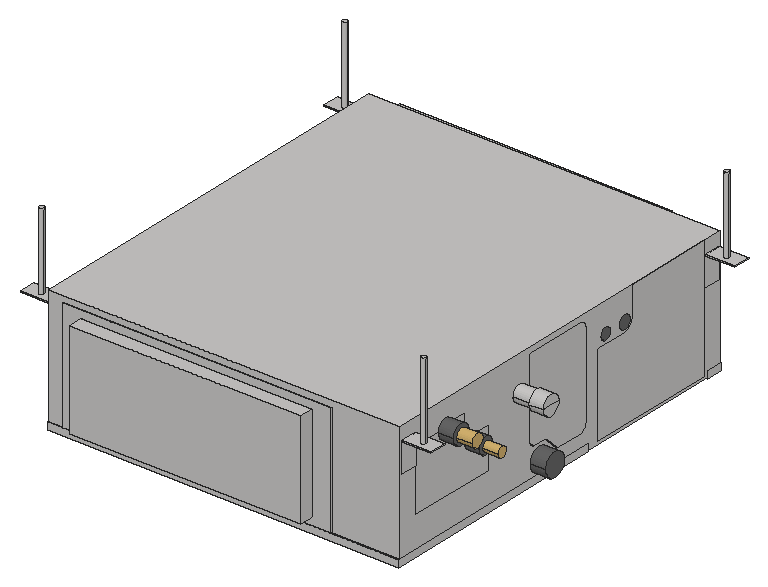
Revit family "Heat_Pump-Split_System-Indoor-Ducted-JCI-Medium_Static-0.5-4.5_ton", category Mechanical Equipment, Revit 2014
Parameters (values of type "(H,Y)IDM006B22S - 208 v")
  Width = 31.500"
  Voltage = 208 V
  Total Heating Capacity = 6700.0 Btu/h
  Total Cooling Capacity = 6000.0 Btu/h
  Supply Air Connection Width = 18 3/8"
  Supply Air Connection Height = 7 13/16"
  SA Z Offset = (Height - Supply Air Connection Height) / 2  # 1.000"
  SA X Offset = 2.500"
  Return Air Connection Width = 21 5/8"
  Return Air Connection Height = 8 7/16"
  Refrigerant Suction Gas Connection Diameter = 1/2"
  Refrigerant Liquid Connection Diameter = 1/4"
  RA Z Offset = 0.6875"
  RA X Offset = 1.3125"
  Pumped Drain [instance] = no
  Product Page URL = "http://www.johnsoncontrols.com/buildings/hvac-equipment/variable-refrigerant-flow/variable-refrigerant-flow-ducted-high-static-indoor-unit"
  Product Name = Model  # "(H,Y)IDM006B22S"
  Product Documentation Link = "http://www.johnsoncontrols.com/-/media/jci/be/united-states/hvac-equipment/variable-refrigerant-flow/files/2017-york-vrf-gen-ii-brochure_053017_digital.pdf?la=en"
  Power Radius = Power Diameter / 2  # 1/2"
  Power Factor = 0.8
  Power Diameter = 1"
  Phase = 1
  Number of Poles = 2
  Minimum Circuit Current = 1 A
  Maximum Overcurrent Protection = 15 A
  Max Drain Lifting Zone [instance] = no
  Length 8 = 0.000" - Length 7  # -13.7815"
  Length 7 = Length / 2  # 13.7815"
  Length 6 = DX Liquid Body Radius + 0.250"  # 0.625"
  Length 3 [instance] = if(Max Drain Lifting Zone, 33.438" - Pumped Drain Z Offset, 1.000")  # 1.000"
  Length 2 [instance] = if(Max Drain Lifting Zone, 11.813", 1.000")  # 1.000"
  Length 1 [instance] = if(Pumped Drain, 2.500", 1.250")  # 1.250"
  Length 17 = Drain Radius - 1.000" / 8  # 0.500"
  Length 19 = 0.100"  # constant formula
  Length 16 = 0.000" - Length 15  # -10.7125"
  Length 15 = (Return Air Connection Width / 2) - Length 19  # 10.7125"
  Unit Weight = 57 lbf
  URL = "www.johnsoncontrols.com"
  Type Comments = "208 v - 0.5 ton Cooling Capacity"
  Pumped Drain Z Offset = 7.063"
  Pumped Drain Y Offset = 11.750"
  Length = 27.563"
  Height = 9.8125"
  Gravity Drain Z Offset = 1.5625"
  Gravity Drain Y Offset = 13.71875"
  Frequency = 60 Hz
  Drain Z Offset Label [instance] = if(Pumped Drain, Pumped Drain Z Offset, Gravity Drain Z Offset)  # 1.5625"
  Drain Y Offset Label [instance] = if(Pumped Drain, Pumped Drain Y Offset, Gravity Drain Y Offset)  # 13.71875"
  DX Liquid Z Offset = 5.875"
  DX Liquid Y Offset = 6.9375"
  DX Gas Z Offset = 7.750"
  DX Gas Y Offset = 4.500"
  DX Gas Body Radius = DX Gas Radius + 0.250"  # 0.500"
  DX Liquid Body Radius = DX Liquid Radius + 0.250"  # 0.375"
  Highlight Material 1 = Plastic - JCI - Black
  Model = "(H,Y)IDM006B22S"
  Manufacturer = "Johnson Controls Incorporated"
  Load Classification = HVAC
  Length 9 [instance] = if(Clearance Zones, Clearance Front, 0.000")  # 0.000"
  Length 5 = DX Gas Body Radius + 0.250"  # 0.750"
  Length 14 [instance] = if(Clearance Zones, Clearance Top, 0.000")  # 0.000"
  Length 13 [instance] = if(Clearance Zones, Clearance Bottom, 0.000")  # 0.000"
  Length 12 [instance] = if(Clearance Zones, Clearance Right, 0.000")  # 0.000"
  Length 11 [instance] = if(Clearance Zones, Clearance Left, 0.000")  # 0.000"
  Length 10 [instance] = if(Clearance Zones, Clearance Back, 0.000")  # 0.000"
  Description = "YORK® VRF Gen II Ducted Medium Static Indoor Unit"
  Hanging Bolts [instance] = yes
  Drop Rod Radius = 0.188"
  Hanging Height [instance] = 5.000"
  Radius 4 = 0.630"
  Drain Radius = Condensate Drain Connection Diameter / 2  # 5/8"
  DX Liquid Radius = Refrigerant Liquid Connection Diameter / 2  # 1/8"
  DX Gas Radius = Refrigerant Suction Gas Connection Diameter / 2  # 1/4"
  Highlight Material 2 = Metal - JCI - Brass
  Copyright © = "Copyright © 2017 Johnson Controls"  # constant formula
  Cooling Coil Air Pressure Drop [instance] = 0.00 in-wg
  Controls Radius = Controls Diameter / 2  # 7/16"
  Controls Diameter = 7/8"
  Condensate Drain Connection Diameter = 1 1/4"
  Clearance Zones [instance] = no
  Clearance Top = 3.938"
  Clearance Right = 7.875"
  Clearance Material = Area - JCI - Clearance
  Clearance Left = 0.000"
  Clearance Front = 1.938"
  Clearance Bottom = 0.813"
  Clearance Back = 1.938"
  Bracket Width = 1.375"
  Bracket Length = 2.375"
  Body Material = Metal - JCI - Steel
  Assembly Code = "D3030200"
  Apparent Load = Minimum Circuit Current * Voltage / Power Factor  # 260 VA
  Angle 1 [instance] = 90.00°
  Actual Supply Air Flow [instance] = 0 CFM
  Actual Return Air Flow [instance] = 0 CFM
  Actual Condensate Drain Flow [instance] = 0 GPM
Reference planes (in)
  plane 1 "Center (Front/Back)": y = 0
  plane 2: z = 0
  plane 3 "Center (Left/Right)": x = 0
  plane 4 "Back": y = 15.75
  plane 5 "Front": y = -15.75
  plane 6 "Body Left": x = -13.7815
  plane 7 "Body Right": x = 13.7815
  plane 8 "Left": x = -16.1565
  plane 9 "Right": x = 16.1565
  plane 10 "Left Bolt Pitch": x = -15.0315
  plane 11 "Right Bolt Pitch": x = 15.0315
  plane 12 "rod 2 y cl": y = -14.9375
  plane 13 "Top": z = 9.8125
  plane 14 "Bottom": z = 0
  plane 15 "Center (Elevation)": z = 4.90625
  plane 16 "dx gas z cl": z = 7.75
  plane 17 "conduit z cl": z = 7.5
  plane 18 "plate top": z = 8.8125
  plane 19 "plate bottom 1": z = 8.7335
  plane 20 "sa top": z = 8.8125
  plane 21 "sa bottom": z = 1
  plane 22 "dx liquid y cl": y = -8.8125
  plane 23 "dx gas y cl": y = -11.25
  plane 24 "bracket 1 front": y = 14.25
  plane 25 "bracket 2 back": y = -14.25
  plane 26 "bracket 2 front": y = -15.625
  plane 27: z = 0.04
  plane 28 "Hanging Rods Height": z = 14.8125
  plane 29 "lower bracket left": x = -14.5095
  plane 30 "bolt bottom": z = 8.4335
  plane 31: z = 9.8125
  plane 32 "dec right": x = 13.8315
  plane 33 "dec left": x = -13.8315
  plane 34 "Cleareance Left": x = -13.7815
  plane 35 "Clearance Right": x = 16.1565
  plane 36 "Clearance Front": y = -15.75
  plane 37 "Clearance Back": y = 16.9375
  plane 38 "Clearance Top": z = 9.8125
  plane 39 "Clearance Bottom": z = 0
  plane 40 "bracket 1 back": y = 15.625
  plane 41 "rod 1 y cl": y = 14.9375
  plane 42 "sa left": x = -11.2815
  plane 43 "sa right": x = 7.0935
  plane 44 "connection right": x = 16.3315
  plane 45 "dx liquid z cl": z = 5.875
  plane 46 "sa front": y = -16.9375
  plane 47 "ra back": y = 16.9375
  plane 48 "insulaton right": x = 15.0565
  plane 49 "ra left": x = -12.469
  plane 50 "pumped drain y cl": y = -4
  plane 51 "drain z cl": z = 7.063
  plane 52 "plate bottom 2": z = 6.4375
  plane 53 "dec front": y = -15.829
  plane 54 "ra right": x = 9.156
  plane 55 "ra top": z = 9.125
  plane 56 "ra bottom": z = 0.6875
  plane 57 "dec back": y = 15.829
  plane 58 "trim 2": y = 14.5
  plane 59 "trim 1": y = 2.75
  plane 60 "trim top": z = 0.5
  plane 61 "controls y cl": y = 4.5
  plane 62 "power y cl": y = 6.375
  plane 63 "gravity drain y cl": y = -2.03125
Forms (in)
  Extrusion 1, solid, material "Metal - JCI - Brass" <- "Highlight Material 2", detail levels medium+fine
    sketch origin (16.3315, 0, 0) x (0, 1, 0) y (0, 0, 1)
      loop
        circle (-11.25, 7.75) r 0.5
      loop
        circle (-8.8125, 5.875) r 0.375
    from -1.275 to 0
  Extrusion 2, solid, material "Metal - JCI - Steel" <- "Body Material", visible <- "Hanging Bolts"
    sketch origin (0, 0, 8.8125) x (-1, 0, 0) y (0, -1, 0)
      loop
        circle (15.0315, -14.9215) r 0.188
      loop
        circle (-15.0315, -14.9215) r 0.188
      loop
        circle (15.0315, 14.9375) r 0.188
      loop
        circle (-15.0315, 14.9375) r 0.188
    from 0 to 6
  Extrusion 3, solid, material "Plastic - JCI - Black" <- "Highlight Material 1", detail levels medium+fine
    sketch origin (13.7815, 0, 0) x (0, 1, 0) y (0, 0, 1)
      loop
        circle (-11.25, 7.75) r 0.75
      loop
        circle (-8.8125, 5.875) r 0.625
      loop
        circle (-2.03125, 1.5625) r 0.90625
    from 0 to 1.275
  Extrusion 4, solid, material "Area - JCI - Clearance" <- "Clearance Material", visible <- "Clearance Zones"
    sketch origin (0, 0, 9.8125) x (-1, 0, 0) y (0, -1, 0)
      loop
        line (13.7815, -16.9375) -> (13.7815, 15.75) -> (-16.1565, 15.75) -> (-16.1565, -16.9375) -> (13.7815, -16.9375)
    from -9.8125 to 0
  Extrusion 5, solid, material "Metal - JCI - Steel" <- "Body Material", visible <- "Hanging Bolts", detail levels medium+fine
    sketch origin (0, 0, 9.8125) x (-1, 0, 0) y (0, -1, 0)
      loop
        circle (15.0315, -14.9215) r 0.188
      loop
        circle (15.0315, 14.9375) r 0.188
      loop
        circle (-15.0315, 14.9375) r 0.188
      loop
        circle (-15.0315, -14.9215) r 0.188
    from -1.379 to -1.079
  Extrusion 6, solid, material "Metal - JCI - Steel" <- "Body Material", detail levels medium+fine
    sketch origin (0, -15.75, 0) x (-1, 0, 0) y (0, 0, 1)
      loop
        line (11.1815, 8.7125) -> (-6.9935, 8.7125) -> (-6.9935, 1.1) -> (11.1815, 1.1) -> (11.1815, 8.7125)
    from -1.1875 to 0
  Extrusion 7, solid, material "Metal - JCI - Steel" <- "Body Material"
    sketch origin (0, 0, 0) x (1, 0, 0) y (0, 1, 0)
      loop
        line (13.7815, -15.75) -> (13.7815, 15.75) -> (-13.7815, 15.75) -> (-13.7815, -15.75) -> (13.7815, -15.75)
    from 0 to 9.8125
  Revolve 8, solid, material "Metal - JCI - Steel" <- "Body Material", detail levels medium+fine
    sketch origin (0, 0, 7.063) x (-1, 0, 0) y (0, -1, 0)
      loop
        line (-13.7815, 3.375) -> (-13.7815, 4) -> (-16.3315, 4) -> (-16.3315, 3.25) -> (-15.2065, 3.25) -> (-15.2065, 3.375) -> (-13.7815, 3.375)
      axis (-13.7815, 4) -> (-16.3315, 4)
    angle from 0 to 360
  Extrusion 9, solid, material "Metal - JCI - Steel" <- "Body Material"
    sketch origin (0, -15.75, 0) x (-1, 0, 0) y (0, 0, 1)
      loop
        line (13.8605, 8.7335) -> (16.1565, 8.7335) -> (16.1565, 8.8125) -> (13.7815, 8.8125) -> (13.7815, 6.4375) -> (13.8605, 6.4375) -> (13.8605, 8.7335)
      loop
        line (-13.8605, 8.7335) -> (-13.8605, 6.4375) -> (-13.7815, 6.4375) -> (-13.7815, 8.8125) -> (-16.1565, 8.8125) -> (-16.1565, 8.7335) -> (-13.8605, 8.7335)
    from 0.125 to 1.5
  Extrusion 10, solid, material "Metal - JCI - Steel" <- "Body Material"
    sketch origin (0, -15.75, 0) x (-1, 0, 0) y (0, 0, 1)
      loop
        line (16.1565, 8.7335) -> (16.1565, 8.8125) -> (13.7815, 8.8125) -> (13.7815, 6.4375) -> (13.8605, 6.4375) -> (13.8605, 8.7335) -> (16.1565, 8.7335)
      loop
        line (-13.8605, 8.7335) -> (-13.8605, 6.4375) -> (-13.7815, 6.4375) -> (-13.7815, 8.8125) -> (-16.1565, 8.8125) -> (-16.1565, 8.7335) -> (-13.8605, 8.7335)
    from 30 to 31.375
  Extrusion 11, solid, material "Metal - JCI - Steel" <- "Body Material", detail levels fine
    sketch origin (0, -15.75, 0) x (-1, 0, 0) y (0, 0, 1)
      loop
        line (12.6565, 9.3125) -> (-8.4685, 9.3125) -> (-8.4685, 0.5) -> (12.6565, 0.5) -> (12.6565, 9.3125)
      loop
        line (11.1815, 8.7125) -> (-6.9935, 8.7125) -> (-6.9935, 1.1) -> (11.1815, 1.1) -> (11.1815, 8.7125)
    from 0 to -0.079
  Extrusion 12, solid, material "Metal - JCI - Steel" <- "Body Material", detail levels medium+fine
    sketch origin (0, 15.75, 0) x (-1, 0, 0) y (0, 0, 1)
      loop
        line (-9.056, 9.025) -> (-9.056, 0.7875) -> (12.369, 0.7875) -> (12.369, 9.025) -> (-9.056, 9.025)
    from 0 to 1.1875
  Extrusion 13, solid, material "Metal - JCI - Steel" <- "Body Material", detail levels fine
    sketch origin (0, 16.9375, 0) x (0, 0, 1) y (1, 0, 0)
      loop
        line (9.625, 9.656) -> (0.1875, 9.656) -> (0.1875, -13.719) -> (9.625, -13.719) -> (9.625, 9.656)
      loop
        line (9.025, 9.056) -> (0.7875, 9.056) -> (0.7875, -12.369) -> (9.025, -12.369) -> (9.025, 9.056)
    from -1.1875 to -1.1085
  Extrusion 14, solid, material "Metal - JCI - Steel" <- "Body Material", detail levels fine
    sketch origin (-16.1565, 0, 0) x (0, 1, 0) y (0, 0, 1)
      loop
        line (15.7895, 0.5) -> (14.5, 0.5) -> (14.5, -0.079) -> (15.7895, -0.079) -> (15.7895, 0.5)
      loop
        line (2.75, 0.5) -> (-15.829, 0.5) -> (-15.829, -0.079) -> (2.75, -0.079) -> (2.75, 0.5)
    from 2.325 to 29.988
  Extrusion 15, solid, material "Metal - JCI - Steel" <- "Body Material", detail levels fine
    sketch origin (13.8315, 0, 0) x (0, 1, 0) y (0, 0, 1)
      loop
        line (-7.125, 2.96875) -> (-7.125, 6.125) -> (-8.1875, 6.125) -> (-8.1875, 5.875)
        arc (-8.1875, 5.875) -> (-8.8125, 5.25) -> (-9.4375, 5.875) r 0.625
        line (-9.4375, 5.875) -> (-9.4375, 8) -> (-10.5, 8) -> (-10.5, 7.75)
        arc (-10.5, 7.75) -> (-11.25, 7) -> (-12, 7.75) r 0.75
        line (-12, 7.75) -> (-14.15625, 7.75) -> (-14.15625, 2.96875) -> (-7.125, 2.96875)
      loop
        line (-2.9375, 9.33587) -> (-2.9375, 3.1875)
        arc (-2.9375, 3.1875) -> (-2.79105, 2.83395) -> (-2.4375, 2.6875) r 0.5
        line (-2.4375, 2.6875) -> (-1.4375, 2.6875) -> (-0.3125, 1.5625) -> (2, 1.5625)
        arc (2, 1.5625) -> (2.35355, 1.70895) -> (2.5, 2.0625) r 0.5
        line (2.5, 2.0625) -> (2.5, 8.83587)
        arc (2.5, 8.83587) -> (2.35355, 9.18942) -> (2, 9.33587) r 0.5
        line (2, 9.33587) -> (-2.9375, 9.33587)
      loop
        line (3.75, 6.75) -> (3.75, 0.25) -> (14.15625, 0.25) -> (14.15625, 9.8125) -> (7.125, 9.8125) -> (7.125, 7.5)
        arc (7.125, 7.5) -> (6.90533, 6.96967) -> (6.375, 6.75) r 0.75
        line (6.375, 6.75) -> (3.75, 6.75)
    from -0.05 to 0
  Extrusion 16, solid, material "Plastic - JCI - Black" <- "Highlight Material 1", detail levels medium+fine
    sketch origin (13.8315, 0, 0) x (0, 1, 0) y (0, 0, 1)
      loop
        circle (4.5, 7.5) r 0.4375
      loop
        circle (6.375, 7.5) r 0.5
    from -0.05 to 0
  Extrusion 17, solid, material "Metal - JCI - Steel" <- "Body Material", not visible
    sketch origin (13.7815, 0, 0) x (0, 1, 0) y (0, 0, 1)
      loop
        circle (-2.03125, 1.5625) r 0.2
    from 0 to 1.25 <- "Length 1"
  Extrusion 18, solid, material "Area - JCI - Clearance" <- "Clearance Material", visible <- "Max Drain Lifting Zone"
    sketch origin (0, 0, 7.063) x (-1, 0, 0) y (0, -1, 0)
      loop
        line (-13.7815, 2.75) -> (-13.7815, 5.25) -> (-14.7815, 5.25) -> (-14.7815, 2.75) -> (-13.7815, 2.75)
    from 0 to 1 <- "Length 3"
Lines and regions (in)
  Masking region 1
    outline origin (0, 0, 4.90625) x (-1, 0, 0) y (0, -1, 0)
      loop
        line (13.7815, -15.75) -> (13.7815, 15.75) -> (-13.7815, 15.75) -> (-13.7815, -15.75) -> (13.7815, -15.75)
  Masking region 2
    outline origin (0, 0, 0) x (1, 0, 0) y (0, 0, 1)
      loop
        line (-13.7815, 9.8125) -> (-13.7815, 0) -> (13.7815, 0) -> (13.7815, 9.8125) -> (-13.7815, 9.8125)
  Masking region 3
    outline origin (0, 0, 0) x (0, 1, 0) y (0, 0, 1)
      loop
        line (-15.75, 9.8125) -> (-15.75, 0) -> (15.75, 0) -> (15.75, 9.8125) -> (-15.75, 9.8125)
  Masking region 4
    outline origin (0, 0, 8.8125) x (-1, 0, 0) y (0, -1, 0)
      loop
        line (16.1565, -15.625) -> (16.1565, -14.25) -> (13.7815, -14.25) -> (13.7815, -15.625) -> (16.1565, -15.625)
      loop
        line (16.1565, 14.25) -> (16.1565, 15.625) -> (13.7815, 15.625) -> (13.7815, 14.25) -> (16.1565, 14.25)
      loop
        line (-13.7815, 14.25) -> (-13.7815, 15.625) -> (-16.1565, 15.625) -> (-16.1565, 14.25) -> (-13.7815, 14.25)
      loop
        line (-13.7815, -15.625) -> (-13.7815, -14.25) -> (-16.1565, -14.25) -> (-16.1565, -15.625) -> (-13.7815, -15.625)
  Masking region 5, visible <- "Hanging Bolts", detail levels fine
    outline origin (0, 0, 0) x (0, 1, 0) y (0, 0, 1)
      loop
        line (-15.1255, 14.8125) -> (-15.1255, 8.8125) -> (-14.7495, 8.8125) -> (-14.7495, 14.8125) -> (-15.1255, 14.8125)
      loop
        line (14.7335, 14.8125) -> (14.7335, 8.8125) -> (15.1095, 8.8125) -> (15.1095, 14.8125) -> (14.7335, 14.8125)
      loop
        line (15.1095, 8.7335) -> (14.7335, 8.7335) -> (14.7335, 8.4335) -> (15.1095, 8.4335) -> (15.1095, 8.7335)
      loop
        line (-14.7495, 8.7335) -> (-15.1255, 8.7335) -> (-15.1255, 8.4335) -> (-14.7495, 8.4335) -> (-14.7495, 8.7335)
  Masking region 6, detail levels fine
    outline origin (0, 0, 0) x (1, 0, 0) y (0, 0, 1)
      loop
        line (-16.1565, 8.8125) -> (-16.1565, 8.7335) -> (-13.7815, 8.7335) -> (-13.7815, 8.8125) -> (-16.1565, 8.8125)
      loop
        line (13.7815, 8.7335) -> (16.1565, 8.7335) -> (16.1565, 8.8125) -> (13.7815, 8.8125) -> (13.7815, 8.7335)
  Masking region 7, visible <- "Hanging Bolts", detail levels fine
    outline origin (0, 0, 0) x (1, 0, 0) y (0, 0, 1)
      loop
        line (-15.2195, 14.8125) -> (-15.2195, 8.8125) -> (-14.8435, 8.8125) -> (-14.8435, 14.8125) -> (-15.2195, 14.8125)
      loop
        line (14.8435, 14.8125) -> (14.8435, 8.8125) -> (15.2195, 8.8125) -> (15.2195, 14.8125) -> (14.8435, 14.8125)
      loop
        line (-15.2195, 8.7335) -> (-15.2195, 8.4335) -> (-14.8435, 8.4335) -> (-14.8435, 8.7335) -> (-15.2195, 8.7335)
      loop
        line (14.8435, 8.7335) -> (14.8435, 8.4335) -> (15.2195, 8.4335) -> (15.2195, 8.7335) -> (14.8435, 8.7335)
  Masking region 8, detail levels medium+fine
    outline origin (0, 0, 7.75) x (-1, 0, 0) y (0, -1, 0)
      loop
        line (-13.7815, 10.5) -> (-13.7815, 12) -> (-15.0565, 12) -> (-15.0565, 11.75) -> (-16.3315, 11.75) -> (-16.3315, 10.75) -> (-15.0565, 10.75) -> (-15.0565, 10.5) -> (-13.7815, 10.5)
  Masking region 9, detail levels medium+fine
    outline origin (16.1565, 0, 0) x (0, 1, 0) y (0, 0, 1)
      loop
        circle (-11.25, 7.75) r 0.75
      loop
        circle (-8.8125, 5.875) r 0.625
  Masking region 10, detail levels medium+fine
    outline origin (0, 0, 5.875) x (0, -1, 0) y (1, 0, 0)
      loop
        line (8.1875, 13.7815) -> (9.4375, 13.7815) -> (9.4375, 15.0565) -> (9.1875, 15.0565) -> (9.1875, 16.3315) -> (8.4375, 16.3315) -> (8.4375, 15.0565) -> (8.1875, 15.0565) -> (8.1875, 13.7815)
      loop
        line (1.125, 13.7815) -> (2.9375, 13.7815) -> (2.9375, 15.0565) -> (1.125, 15.0565) -> (1.125, 13.7815)
  Masking region 11, detail levels medium+fine
    outline origin (0, -8.8125, 0) x (-1, 0, 0) y (0, 0, 1)
      loop
        line (-13.7815, 6.5) -> (-15.0565, 6.5) -> (-15.0565, 6.25) -> (-16.3315, 6.25) -> (-16.3315, 5.5) -> (-15.0565, 5.5) -> (-15.0565, 5.25) -> (-13.7815, 5.25) -> (-13.7815, 6.5)
  Masking region 12, detail levels medium+fine
    outline origin (0, -11.25, 0) x (-1, 0, 0) y (0, 0, 1)
      loop
        line (-13.7815, 8.5) -> (-15.0565, 8.5) -> (-15.0565, 8.25) -> (-16.3315, 8.25) -> (-16.3315, 7.25) -> (-15.0565, 7.25) -> (-15.0565, 7) -> (-13.7815, 7) -> (-13.7815, 8.5)
  Masking region 13, detail levels medium+fine
    outline origin (0, 0, 7.063) x (-1, 0, 0) y (0, -1, 0)
      loop
        line (-13.7815, 3.375) -> (-13.7815, 4.625) -> (-15.2065, 4.625) -> (-15.2065, 4.75) -> (-16.3315, 4.75) -> (-16.3315, 3.25) -> (-15.2065, 3.25) -> (-15.2065, 3.375) -> (-13.7815, 3.375)
  Masking region 14, detail levels medium+fine
    outline origin (0, -4, 0) x (-1, 0, 0) y (0, 0, 1)
      loop
        line (-13.7815, 7.688) -> (-15.2065, 7.688) -> (-15.2065, 7.813) -> (-16.3315, 7.813) -> (-16.3315, 6.313) -> (-15.2065, 6.313) -> (-15.2065, 6.438) -> (-13.7815, 6.438) -> (-13.7815, 7.688)
      loop
        line (-13.7815, 2.46875) -> (-15.0565, 2.46875) -> (-15.0565, 0.65625) -> (-13.7815, 0.65625) -> (-13.7815, 2.46875)
  Masking region 15, detail levels fine
    outline origin (13.7815, 0, 0) x (0, 1, 0) y (0, 0, 1)
      loop
        line (2.75, 0.5) -> (-15.829, 0.5) -> (-15.829, -0.079) -> (2.75, -0.079) -> (2.75, 0.5)
      loop
        line (15.79775, 0.5) -> (14.5, 0.5) -> (14.5, -0.079) -> (15.79775, -0.079) -> (15.79775, 0.5)
  symbolic lines, detail levels fine
    curve 1: circle (-15.0315, 14.9215, 8.8125) r 0.188 normal (0, 0, 1)
    curve 2: circle (15.0315, 14.9215, 8.8125) r 0.188 normal (0, 0, 1)
    curve 3: circle (15.0315, -14.9375, 8.8125) r 0.188 normal (0, 0, 1)
    curve 4: circle (-15.0315, -14.9375, 8.8125) r 0.188 normal (0, 0, 1)
    curve 5: line (0, -15.625, 8.7335) -> (0, -14.25, 8.7335)
    curve 8: line (0, 14.25, 8.7335) -> (0, 15.625, 8.7335)
    curve 17: line (0, -14.25, 8.8125) -> (0, -14.25, 6.4375)
    curve 18: line (0, -15.625, 8.8125) -> (0, -15.625, 6.4375)
    curve 19: line (0, 15.625, 8.8125) -> (0, 15.625, 6.4375)
    curve 20: line (0, 14.25, 8.8125) -> (0, 14.25, 6.4375)
    curve 35: line (15.0565, -8.4375, 5.875) -> (15.0565, -9.1875, 5.875)
    curve 50: line (9.656, 15.75, 9.625) -> (9.656, 15.75, 0.1875)
    curve 51: line (9.656, 15.75, 0.1875) -> (-13.719, 15.75, 0.1875)
    curve 52: line (-13.719, 15.75, 0.1875) -> (-13.719, 15.75, 9.625)
    curve 53: line (-13.719, 15.75, 9.625) -> (9.656, 15.75, 9.625)
    curve 54: line (8.4685, -15.75, 9.3125) -> (8.4685, -15.75, 0.5)
    curve 55: line (8.4685, -15.75, 0.5) -> (-12.6565, -15.75, 0.5)
    curve 56: line (-12.6565, -15.75, 0.5) -> (-12.6565, -15.75, 9.3125)
    curve 57: line (-12.6565, -15.75, 9.3125) -> (8.4685, -15.75, 9.3125)
    curve 58: line (13.7815, -9.4375, 5.875) -> (13.7815, -9.4375, 8)
    curve 59: line (13.7815, -9.4375, 8) -> (13.7815, -10.5, 8)
    curve 60: line (13.7815, -10.5, 8) -> (13.7815, -10.5, 7.75)
    curve 61: arc (13.7815, -10.5, 7.75) -> (13.7815, -11.25, 7) -> (13.7815, -12, 7.75) r 0.75
    curve 62: line (13.7815, -12, 7.75) -> (13.7815, -14.15625, 7.75)
    curve 63: line (13.7815, -14.15625, 7.75) -> (13.7815, -14.15625, 2.96875)
    curve 64: line (13.7815, -14.15625, 2.96875) -> (13.7815, -7.125, 2.96875)
    curve 65: line (13.7815, -7.125, 2.96875) -> (13.7815, -7.125, 6.125)
    curve 66: line (13.7815, -7.125, 6.125) -> (13.7815, -8.1875, 6.125)
    curve 67: line (13.7815, -8.1875, 6.125) -> (13.7815, -8.1875, 5.875)
    curve 68: arc (13.7815, -8.1875, 5.875) -> (13.7815, -8.8125, 5.25) -> (13.7815, -9.4375, 5.875) r 0.625
    curve 69: line (13.7815, 2, 9.33587) -> (13.7815, -2.9375, 9.33587)
    curve 70: line (13.7815, -2.9375, 9.33587) -> (13.7815, -2.9375, 3.1875)
    curve 71: arc (13.7815, -2.9375, 3.1875) -> (13.7815, -2.79105, 2.83395) -> (13.7815, -2.4375, 2.6875) r 0.5
    curve 72: line (13.7815, -2.4375, 2.6875) -> (13.7815, -1.4375, 2.6875)
    curve 73: line (13.7815, -1.4375, 2.6875) -> (13.7815, -0.3125, 1.5625)
    curve 74: line (13.7815, -0.3125, 1.5625) -> (13.7815, 2, 1.5625)
    curve 75: arc (13.7815, 2, 1.5625) -> (13.7815, 2.35355, 1.70895) -> (13.7815, 2.5, 2.0625) r 0.5
    curve 76: line (13.7815, 2.5, 2.0625) -> (13.7815, 2.5, 8.83587)
    curve 77: arc (13.7815, 2.5, 8.83587) -> (13.7815, 2.35355, 9.18942) -> (13.7815, 2, 9.33587) r 0.5
    curve 78: line (13.7815, 3.75, 0.25) -> (13.7815, 14.15625, 0.25)
    curve 79: line (13.7815, 14.15625, 0.25) -> (13.7815, 14.15625, 9.8125)
    curve 80: line (13.7815, 14.15625, 9.8125) -> (13.7815, 7.125, 9.8125)
    curve 81: line (13.7815, 7.125, 9.8125) -> (13.7815, 7.125, 7.5)
    curve 82: arc (13.7815, 7.125, 7.5) -> (13.7815, 6.90533, 6.96967) -> (13.7815, 6.375, 6.75) r 0.75
    curve 83: line (13.7815, 6.375, 6.75) -> (13.7815, 3.75, 6.75)
    curve 84: line (13.7815, 3.75, 6.75) -> (13.7815, 3.75, 0.25)
    curve 88: line (13.7815, -15.625, 6.4375) -> (13.7815, -14.25, 6.4375)
    curve 89: line (13.7815, 14.25, 6.4375) -> (13.7815, 15.625, 6.4375)
  symbolic lines
    curve 6: line (0, -15.625, 8.8125) -> (0, -14.25, 8.8125)
    curve 7: line (0, 14.25, 8.8125) -> (0, 15.625, 8.8125)
  symbolic lines, visible <- "Hanging Bolts", detail levels coarse+medium
    curve 9: line (0, 14.9375, 8.4335) -> (0, 14.9375, 14.8125)
    curve 10: line (0, -14.9375, 14.8125) -> (0, -14.9375, 8.4335)
    curve 15: line (-15.0315, 0, 14.8125) -> (-15.0315, 0, 8.4335)
    curve 16: line (15.0315, 0, 14.8125) -> (15.0315, 0, 8.4335)
  symbolic lines, detail levels medium+fine
    curve 11: circle (16.1565, -8.8125, 5.875) r 0.375 normal (1, 0, 0)
    curve 12: circle (16.1565, -11.25, 7.75) r 0.5 normal (1, 0, 0)
    curve 29: line (15.0565, -10.75, 9.8125) -> (15.0565, -11.75, 9.8125)
    curve 34: line (15.0565, -8.4375, 9.8125) -> (15.0565, -9.1875, 9.8125)
    curve 36: line (15.0565, -8.8125, 6.25) -> (15.0565, -8.8125, 5.5)
    curve 37: line (15.0565, -11.25, 8.25) -> (15.0565, -11.25, 7.25)
    curve 38: line (15.2065, -3.375, 7.063) -> (15.2065, -4.625, 7.063)
    curve 39: circle (13.8315, -4, 7.063) r 0.75 normal (1, 0, 0)
    curve 40: line (15.2065, -4, 7.688) -> (15.2065, -4, 6.438)
    curve 41: circle (13.8315, -4, 7.063) r 0.5 normal (1, 0, 0)
    curve 42: line (-11.1815, -15.75, 8.7125) -> (-11.1815, -15.75, 1.1)
    curve 43: line (-11.1815, -15.75, 1.1) -> (6.9935, -15.75, 1.1)
    curve 44: line (6.9935, -15.75, 1.1) -> (6.9935, -15.75, 8.7125)
    curve 45: line (6.9935, -15.75, 8.7125) -> (-11.1815, -15.75, 8.7125)
    curve 46: line (-12.369, 16.9375, 9.025) -> (9.056, 16.9375, 9.025)
    curve 47: line (9.056, 16.9375, 9.025) -> (9.056, 16.9375, 0.7875)
    curve 48: line (9.056, 16.9375, 0.7875) -> (-12.369, 16.9375, 0.7875)
    curve 49: line (-12.369, 16.9375, 0.7875) -> (-12.369, 16.9375, 9.025)
    curve 85: circle (13.7815, -2.03125, 1.5625) r 0.90625 normal (1, 0, 0)
    curve 86: circle (13.7815, 4.5, 7.5) r 0.4375 normal (1, 0, 0)
    curve 87: circle (13.7815, 6.375, 7.5) r 0.5 normal (1, 0, 0)
    curve 102: circle (13.8315, -2.03125, 1.5625) r 0.625 normal (1, 0, 0)
  symbolic lines, detail levels coarse+medium
    curve 13: line (-16.1565, 0, 8.8125) -> (-13.7815, 0, 8.8125)
    curve 14: line (13.7815, 0, 8.8125) -> (16.1565, 0, 8.8125)
  symbolic lines, style "Clearance Zones", visible <- "Clearance Zones"
    curve 21: line (-13.7815, -15.75, 9.8125) -> (16.1565, -15.75, 9.8125)
    curve 22: line (-13.7815, -15.75, 0) -> (-13.7815, -15.75, 9.8125)
    curve 23: line (16.1565, -15.75, 0) -> (-13.7815, -15.75, 0)
    curve 24: line (16.1565, -15.75, 9.8125) -> (16.1565, -15.75, 0)
    curve 25: line (0, -15.75, 9.8125) -> (0, 16.9375, 9.8125)
    curve 26: line (0, -15.75, 0) -> (0, -15.75, 9.8125)
    curve 27: line (0, 16.9375, 0) -> (0, -15.75, 0)
    curve 28: line (0, 16.9375, 9.8125) -> (0, 16.9375, 0)
    curve 30: line (-13.7815, 16.9375, 0) -> (16.1565, 16.9375, 0)
    curve 31: line (-13.7815, -15.75, 0) -> (-13.7815, 16.9375, 0)
    curve 32: line (16.1565, -15.75, 0) -> (-13.7815, -15.75, 0)
    curve 33: line (16.1565, 16.9375, 0) -> (16.1565, -15.75, 0)
  symbolic lines, style "Max Drain Lifting Zone", visible <- "Max Drain Lifting Zone"
    curve 90: line (14.7815, -2.75, 0) -> (13.7815, -2.75, 0)
    curve 91: line (13.7815, -2.75, 0) -> (13.7815, -5.25, 0)
    curve 92: line (13.7815, -5.25, 0) -> (14.7815, -5.25, 0)
    curve 93: line (14.7815, -5.25, 0) -> (14.7815, -2.75, 0)
    curve 94: line (14.7815, -4, 8.063) -> (13.7815, -4, 8.063)
    curve 95: line (13.7815, -4, 8.063) -> (13.7815, -4, 7.063)
    curve 96: line (13.7815, -4, 7.063) -> (14.7815, -4, 7.063)
    curve 97: line (14.7815, -4, 7.063) -> (14.7815, -4, 8.063)
    curve 98: line (13.7815, -2.75, 7.063) -> (13.7815, -2.75, 8.063)
    curve 99: line (13.7815, -2.75, 8.063) -> (13.7815, -5.25, 8.063)
    curve 100: line (13.7815, -5.25, 8.063) -> (13.7815, -5.25, 7.063)
    curve 101: line (13.7815, -5.25, 7.063) -> (13.7815, -2.75, 7.063)
Dimensions and locks (in)
  equal spacing: plane 6 "Body Left", plane 3 "Center (Left/Right)", plane 7 "Body Right"
  equal spacing: plane 4 "Back", plane 1 "Center (Front/Back)", plane 5 "Front"
  "Width": plane 4 "Back" to plane 5 "Front"
  "Bracket Length": plane 8 "Left" to plane 6 "Body Left"
  "Bracket Length": plane 7 "Body Right" to plane 9 "Right"
  equal spacing: plane 10 "Left Bolt Pitch", plane 3 "Center (Left/Right)", plane 11 "Right Bolt Pitch"
  "Height": plane 13 "Top" to plane 14 "Bottom"
  equal spacing: plane 13 "Top", plane 15 "Center (Elevation)", plane 14 "Bottom"
  "DX Gas Z Offset": plane 16 "dx gas z cl" to plane 14 "Bottom"
  locked: plane 17 "conduit z cl" to plane 14 "Bottom" at 7.5
  locked: plane 27 to plane 14 "Bottom" at 0.04
  "Hanging Height": plane 28 "Hanging Rods Height" to plane 13 "Top"
  locked: plane 10 "Left Bolt Pitch" to plane 6 "Body Left" at 1.25
  locked: plane 19 "plate bottom 1" to plane 30 "bolt bottom" at 0.3
  "Drop Rod Radius": Masking region 5 sketch curve to plane 12 "rod 2 y cl"
  "Drop Rod Radius": plane 12 "rod 2 y cl" to Masking region 5 sketch curve
  "Drop Rod Radius": plane 10 "Left Bolt Pitch" to Masking region 7 sketch curve  (x2)
  "Drop Rod Radius": plane 11 "Right Bolt Pitch" to Masking region 7 sketch curve  (x2)
  locked: plane 33 "dec left" to plane 6 "Body Left" at 0.05
  locked: plane 7 "Body Right" to plane 32 "dec right" at 0.05
  "Length 11": plane 34 "Cleareance Left" to plane 6 "Body Left"
  "Length 14": plane 38 "Clearance Top" to plane 13 "Top"
  "Length 13": plane 14 "Bottom" to plane 39 "Clearance Bottom"
  equal spacing: plane 40 "bracket 1 back", plane 41 "rod 1 y cl", plane 24 "bracket 1 front"
  equal spacing: plane 25 "bracket 2 back", plane 12 "rod 2 y cl", plane 26 "bracket 2 front"
  "Bracket Width": plane 25 "bracket 2 back" to plane 26 "bracket 2 front"
  locked: plane 18 "plate top" to plane 19 "plate bottom 1" at 0.079
  "Supply Air Connection Width": plane 43 "sa right" to plane 42 "sa left"
  "SA X Offset": plane 42 "sa left" to plane 6 "Body Left"
  locked: plane 29 "lower bracket left" to plane 6 "Body Left" at 0.728
  "Length": plane 6 "Body Left" to plane 7 "Body Right"
  locked: plane 32 "dec right" to plane 44 "connection right" at 2.5
  "DX Liquid Z Offset": plane 45 "dx liquid z cl" to plane 14 "Bottom"
  "Supply Air Connection Height": plane 20 "sa top" to plane 21 "sa bottom"
  locked: plane 5 "Front" to plane 46 "sa front" at 1.1875
  "Length 19": plane 20 "sa top" to Extrusion 6 sketch curve
  "Length 19": Extrusion 6 sketch curve to plane 42 "sa left"
  "Length 19": Extrusion 6 sketch curve to plane 43 "sa right"
  "Length 19": Extrusion 6 sketch curve to plane 21 "sa bottom"
  "Length 12": plane 9 "Right" to plane 35 "Clearance Right"
  "SA Z Offset": plane 13 "Top" to plane 20 "sa top"
  "Bracket Width": plane 40 "bracket 1 back" to plane 24 "bracket 1 front"
  locked: plane 4 "Back" to plane 40 "bracket 1 back" at 0.125
  locked: plane 26 "bracket 2 front" to plane 5 "Front" at 0.125
  locked: plane 13 "Top" to plane 18 "plate top" at 1
  "RA X Offset": plane 6 "Body Left" to plane 49 "ra left"
  "Length 6": Masking region 11 sketch curve to plane 45 "dx liquid z cl"
  "Length 6": plane 45 "dx liquid z cl" to Masking region 11 sketch curve
  "DX Liquid Body Radius": Masking region 11 sketch curve to plane 45 "dx liquid z cl"
  "DX Liquid Body Radius": plane 45 "dx liquid z cl" to Masking region 11 sketch curve
  "DX Gas Body Radius": Masking region 12 sketch curve to plane 16 "dx gas z cl"
  "DX Gas Body Radius": plane 16 "dx gas z cl" to Masking region 12 sketch curve
  "Length 5": Masking region 12 sketch curve to plane 16 "dx gas z cl"
  "Length 5": plane 16 "dx gas z cl" to Masking region 12 sketch curve
  "Pumped Drain Z Offset": plane 51 "drain z cl" to plane 14 "Bottom"
  "Drain Radius": Revolve 8 sketch curve to Revolve 8 sketch curve
  locked: Revolve 8 sketch curve to Revolve 8 sketch curve at 0.125
  locked: Revolve 8 sketch curve to Revolve 8 sketch curve at 1.125
  locked: Masking region 13 sketch curve to Masking region 13 sketch curve at 0.125
  Masking region 13 sketch curve to Masking region 13 sketch curve = 0.125"
  locked: Masking region 14 sketch curve to Masking region 14 sketch curve at 0.125  (x2)
  "Drain Radius": plane 51 "drain z cl" to Masking region 14 sketch curve
  "Drain Radius": Masking region 14 sketch curve to plane 51 "drain z cl"
  "Length 10": plane 47 "ra back" to plane 37 "Clearance Back"
  "Length 9": plane 36 "Clearance Front" to plane 5 "Front"
  locked: plane 47 "ra back" to plane 4 "Back" at 1.1875
  locked: plane 18 "plate top" to plane 52 "plate bottom 2" at 2.375
  Extrusion 9 sketch curve to Extrusion 9 sketch curve = 0.079"
  locked: Extrusion 9 sketch curve to Extrusion 9 sketch curve at 0.079
  locked: Extrusion 11 sketch curve to plane 20 "sa top" at 0.5
  locked: plane 21 "sa bottom" to Extrusion 11 sketch curve at 0.5
  locked: plane 42 "sa left" to Extrusion 11 sketch curve at 1.375
  locked: plane 43 "sa right" to Extrusion 11 sketch curve at 1.375
  locked: plane 5 "Front" to plane 53 "dec front" at 0.079
  "Return Air Connection Width": plane 49 "ra left" to plane 54 "ra right"
  locked: Extrusion 12 sketch curve to plane 54 "ra right" at 0.1
  locked: Extrusion 12 sketch curve to plane 49 "ra left" at 0.1
  "RA Z Offset": plane 14 "Bottom" to plane 56 "ra bottom"
  "Return Air Connection Height": plane 56 "ra bottom" to plane 55 "ra top"
  locked: Extrusion 12 sketch curve to plane 55 "ra top" at 0.1
  locked: plane 56 "ra bottom" to Extrusion 12 sketch curve at 0.1
  locked: plane 49 "ra left" to Extrusion 13 sketch curve at 1.25
  plane 54 "ra right" to Extrusion 13 sketch curve = 0.500"
  locked: plane 55 "ra top" to Extrusion 13 sketch curve at 0.5
  locked: Extrusion 13 sketch curve to plane 56 "ra bottom" at 0.5
  locked: plane 57 "dec back" to plane 4 "Back" at 0.079
  locked: plane 59 "trim 1" to plane 5 "Front" at 18.5
  locked: plane 4 "Back" to plane 58 "trim 2" at 1.25
  locked: plane 60 "trim top" to plane 14 "Bottom" at 0.5
  locked: plane 14 "Bottom" to Extrusion 14 sketch curve at 0.079
  "Pumped Drain Y Offset": plane 50 "pumped drain y cl" to plane 5 "Front"
  "DX Gas Y Offset": plane 23 "dx gas y cl" to plane 5 "Front"
  "DX Liquid Y Offset": plane 22 "dx liquid y cl" to plane 5 "Front"
  "Drain Radius": Masking region 13 sketch curve to plane 50 "pumped drain y cl"  (x2)
  equal spacing: plane 7 "Body Right", plane 48 "insulaton right", plane 44 "connection right"
  "Gravity Drain Z Offset": Extrusion 3 sketch curve to plane 14 "Bottom"
  locked: plane 45 "dx liquid z cl" to Extrusion 15 sketch curve at 0.25
  locked: plane 22 "dx liquid y cl" to Extrusion 15 sketch curve at 1.6875
  locked: plane 16 "dx gas z cl" to Extrusion 15 sketch curve at 0.25
  locked: plane 45 "dx liquid z cl" to Extrusion 15 sketch curve at 2.90625
  locked: plane 14 "Bottom" to Extrusion 15 sketch curve at 1.5625
  locked: Extrusion 15 sketch curve to plane 59 "trim 1" at 0.25
  locked: Extrusion 15 sketch curve to Extrusion 15 sketch curve at 1.125
  locked: Extrusion 15 sketch curve to Extrusion 15 sketch curve at 1
  locked: plane 62 "power y cl" to plane 61 "controls y cl" at 1.875
  locked: plane 4 "Back" to plane 62 "power y cl" at 9.375
  locked: plane 25 "bracket 2 back" to Extrusion 15 sketch curve at 0.09375
  locked: plane 14 "Bottom" to Extrusion 15 sketch curve at 0.25
  locked: plane 59 "trim 1" to Extrusion 15 sketch curve at 1
  locked: plane 17 "conduit z cl" to Extrusion 15 sketch curve at 0.75
  locked: plane 62 "power y cl" to Extrusion 15 sketch curve at 0.75
  locked: Extrusion 15 sketch curve to plane 18 "plate top" at 1
  locked: Extrusion 15 sketch curve to plane 24 "bracket 1 front" at 0.09375
  locked: Masking region 14 sketch curve to plane 14 "Bottom" at 0.65625
  locked: Masking region 14 sketch curve to Masking region 14 sketch curve at 1.8125
  "Gravity Drain Y Offset": plane 63 "gravity drain y cl" to plane 5 "Front"
  "Drain Z Offset Label": Extrusion 17 sketch curve to plane 14 "Bottom"
  "Drain Y Offset Label": plane 5 "Front" to Extrusion 17 sketch curve
  "Length 2": Extrusion 18 sketch curve to Extrusion 18 sketch curve
  "Condensate Drain Connection Diameter": plane 50 "pumped drain y cl" to Extrusion 18 sketch curve  (x2)
  "Gravity Drain Z Offset": curve 102 to plane 14 "Bottom"
  equal spacing: plane 4 "Back", Extrusion 14 sketch curve, plane 57 "dec back"
  "Drop Rod Radius": radius of Extrusion 2 sketch curve  (x4)
  "Length 5": radius of Extrusion 3 sketch curve
  "DX Gas Body Radius": radius of Extrusion 1 sketch curve
  "Drop Rod Radius": radius of curve 1
  "Drop Rod Radius": radius of curve 2
  "Drop Rod Radius": radius of curve 3
  "Drop Rod Radius": radius of curve 4
  "DX Gas Body Radius": radius of curve 12
  "DX Liquid Body Radius": radius of curve 11
  "Length 6": radius of Extrusion 3 sketch curve
  "DX Liquid Body Radius": radius of Extrusion 1 sketch curve
  "Length 17": radius of curve 41
  radius of Extrusion 3 sketch curve = 0.90625"
  radius of Extrusion 15 sketch curve = 0.500"  (x3)
  "Controls Radius": radius of Extrusion 16 sketch curve
  "Power Radius": radius of Extrusion 16 sketch curve
  radius of Extrusion 15 sketch curve = 0.750"
  radius of Extrusion 17 sketch curve = 0.200"
  "Drain Radius": radius of curve 102
  aligned and locked: level to plane 2
  aligned: Extrusion 1 to plane 7 "Body Right"
  aligned and locked: plane 12 "rod 2 y cl" to Extrusion 2 sketch curve  (x2)
  aligned and locked: plane 10 "Left Bolt Pitch" to Extrusion 2 sketch curve  (x2)
  aligned and locked: plane 11 "Right Bolt Pitch" to Extrusion 2 sketch curve  (x2)
  aligned and locked: plane 28 "Hanging Rods Height" to Extrusion 2
  aligned and locked: plane 2 to plane 14 "Bottom"
  aligned and locked: plane 23 "dx gas y cl" to Extrusion 3 sketch curve
  aligned and locked: plane 16 "dx gas z cl" to Extrusion 3 sketch curve
  aligned and locked: plane 23 "dx gas y cl" to Extrusion 1 sketch curve
  aligned and locked: plane 16 "dx gas z cl" to Extrusion 1 sketch curve
  aligned and locked: plane 6 "Body Left" to Masking region 1 sketch curve
  aligned and locked: Masking region 1 sketch curve to plane 4 "Back"
  aligned and locked: Masking region 1 sketch curve to plane 7 "Body Right"
  aligned and locked: plane 5 "Front" to Masking region 1 sketch curve
  aligned and locked: Masking region 2 sketch curve to plane 13 "Top"
  aligned and locked: plane 6 "Body Left" to Masking region 2 sketch curve
  aligned and locked: plane 14 "Bottom" to Masking region 2 sketch curve
  aligned and locked: Masking region 2 sketch curve to plane 7 "Body Right"
  aligned and locked: Masking region 3 sketch curve to plane 13 "Top"
  aligned and locked: plane 5 "Front" to Masking region 3 sketch curve
  aligned and locked: Masking region 3 sketch curve to plane 4 "Back"
  aligned and locked: plane 14 "Bottom" to Masking region 3 sketch curve
  aligned and locked: plane 8 "Left" to Masking region 4 sketch curve  (x2)
  aligned and locked: plane 24 "bracket 1 front" to Masking region 4 sketch curve  (x2)
  aligned and locked: Masking region 4 sketch curve to plane 6 "Body Left"  (x2)
  aligned and locked: plane 7 "Body Right" to Masking region 4 sketch curve  (x2)
  aligned and locked: Masking region 4 sketch curve to plane 9 "Right"  (x2)
  aligned and locked: Masking region 4 sketch curve to plane 25 "bracket 2 back"  (x2)
  aligned and locked: plane 26 "bracket 2 front" to Masking region 4 sketch curve  (x2)
  aligned and locked: plane 10 "Left Bolt Pitch" to curve 1
  aligned and locked: plane 11 "Right Bolt Pitch" to curve 2
  aligned and locked: plane 12 "rod 2 y cl" to curve 3
  aligned and locked: plane 11 "Right Bolt Pitch" to curve 3
  aligned and locked: plane 12 "rod 2 y cl" to curve 4
  aligned and locked: plane 25 "bracket 2 back" to curve 6
  aligned and locked: plane 25 "bracket 2 back" to curve 5
  aligned and locked: plane 26 "bracket 2 front" to curve 6
  aligned and locked: curve 6 to plane 18 "plate top"
  aligned and locked: curve 5 to plane 19 "plate bottom 1"
  aligned and locked: plane 24 "bracket 1 front" to curve 7
  aligned and locked: plane 24 "bracket 1 front" to curve 8
  aligned and locked: curve 7 to plane 18 "plate top"
  aligned and locked: curve 8 to plane 19 "plate bottom 1"
  aligned and locked: plane 28 "Hanging Rods Height" to curve 10
  aligned and locked: plane 28 "Hanging Rods Height" to curve 9
  aligned and locked: curve 10 to plane 12 "rod 2 y cl"
  aligned and locked: Masking region 5 sketch curve to plane 28 "Hanging Rods Height"  (x2)
  aligned and locked: plane 22 "dx liquid y cl" to curve 11
  aligned and locked: plane 16 "dx gas z cl" to curve 12
  aligned and locked: plane 23 "dx gas y cl" to curve 12
  aligned and locked: Masking region 6 sketch curve to plane 18 "plate top"
  aligned and locked: plane 18 "plate top" to Masking region 6 sketch curve
  aligned and locked: plane 8 "Left" to Masking region 6 sketch curve
  aligned and locked: plane 19 "plate bottom 1" to Masking region 6 sketch curve
  aligned and locked: Masking region 6 sketch curve to plane 6 "Body Left"
  aligned and locked: plane 9 "Right" to Masking region 6 sketch curve
  aligned and locked: Masking region 6 sketch curve to plane 7 "Body Right"
  aligned and locked: Masking region 6 sketch curve to plane 19 "plate bottom 1"
  aligned and locked: plane 8 "Left" to curve 13
  aligned and locked: plane 6 "Body Left" to curve 13
  aligned and locked: curve 13 to plane 18 "plate top"
  aligned and locked: plane 7 "Body Right" to curve 14
  aligned and locked: plane 9 "Right" to curve 14
  aligned and locked: curve 14 to plane 18 "plate top"
  aligned and locked: plane 28 "Hanging Rods Height" to curve 15
  aligned and locked: plane 28 "Hanging Rods Height" to curve 16
  aligned and locked: plane 30 "bolt bottom" to curve 15
  aligned and locked: plane 30 "bolt bottom" to curve 16
  aligned and locked: curve 15 to plane 10 "Left Bolt Pitch"
  aligned and locked: curve 16 to plane 11 "Right Bolt Pitch"
  aligned and locked: Masking region 7 sketch curve to plane 28 "Hanging Rods Height"  (x2)
  aligned and locked: plane 13 "Top" to plane 31
  aligned and locked: plane 37 "Clearance Back" to Extrusion 4 sketch curve
  aligned and locked: plane 34 "Cleareance Left" to Extrusion 4 sketch curve
  aligned and locked: Extrusion 4 sketch curve to plane 36 "Clearance Front"
  aligned and locked: Extrusion 4 sketch curve to plane 35 "Clearance Right"
  aligned and locked: Extrusion 4 to plane 39 "Clearance Bottom"
  aligned and locked: plane 38 "Clearance Top" to Extrusion 4
  aligned: plane 30 "bolt bottom" to Extrusion 2
  aligned and locked: Masking region 5 sketch curve to plane 18 "plate top"  (x2)
  aligned and locked: plane 18 "plate top" to Masking region 7 sketch curve  (x2)
  aligned and locked: Masking region 7 sketch curve to Masking region 7 sketch curve  (x4)
  aligned and locked: Masking region 7 sketch curve to plane 19 "plate bottom 1"  (x2)
  aligned and locked: Masking region 7 sketch curve to plane 30 "bolt bottom"  (x2)
  aligned and locked: Masking region 4 sketch curve to plane 40 "bracket 1 back"  (x2)
  aligned and locked: Extrusion 2 to plane 18 "plate top"
  aligned and locked: Extrusion 5 sketch curve to Extrusion 2  (x4)
  aligned and locked: plane 30 "bolt bottom" to Extrusion 5
  aligned and locked: plane 19 "plate bottom 1" to Extrusion 5
  aligned and locked: Masking region 5 sketch curve to Masking region 5 sketch curve  (x4)
  aligned and locked: Masking region 5 sketch curve to plane 19 "plate bottom 1"  (x2)
  aligned and locked: Masking region 5 sketch curve to plane 30 "bolt bottom"  (x2)
  aligned and locked: curve 9 to plane 41 "rod 1 y cl"
  aligned and locked: plane 30 "bolt bottom" to curve 9
  aligned and locked: plane 40 "bracket 1 back" to curve 19
  aligned and locked: plane 34 "Cleareance Left" to curve 22
  aligned and locked: curve 21 to plane 38 "Clearance Top"
  aligned and locked: curve 24 to plane 35 "Clearance Right"
  aligned and locked: plane 39 "Clearance Bottom" to curve 23
  aligned and locked: plane 5 "Front" to Extrusion 6
  aligned and locked: Extrusion 6 to plane 46 "sa front"
  aligned and locked: curve 26 to plane 36 "Clearance Front"
  aligned and locked: plane 37 "Clearance Back" to curve 28
  aligned and locked: curve 25 to plane 38 "Clearance Top"
  aligned and locked: plane 39 "Clearance Bottom" to curve 27
  aligned and locked: plane 45 "dx liquid z cl" to curve 11
  aligned and locked: plane 22 "dx liquid y cl" to Extrusion 3 sketch curve
  aligned and locked: plane 45 "dx liquid z cl" to Extrusion 3 sketch curve
  aligned and locked: Extrusion 3 to plane 48 "insulaton right"
  aligned and locked: plane 22 "dx liquid y cl" to Extrusion 1 sketch curve
  aligned and locked: plane 45 "dx liquid z cl" to Extrusion 1 sketch curve
  aligned and locked: plane 48 "insulaton right" to Extrusion 1
  aligned and locked: plane 44 "connection right" to Extrusion 1
  aligned and locked: Masking region 8 sketch curve to Extrusion 3  (x2)
  aligned and locked: Masking region 8 sketch curve to Extrusion 1  (x2)
  aligned and locked: Masking region 8 to curve 29  (x2)
  aligned and locked: curve 29 to Masking region 8
  aligned and locked: Masking region 9 sketch curve to Extrusion 3  (x2)
  aligned and locked: plane 34 "Cleareance Left" to curve 31
  aligned and locked: plane 37 "Clearance Back" to curve 30
  aligned and locked: curve 33 to plane 35 "Clearance Right"
  aligned and locked: curve 32 to plane 36 "Clearance Front"
  aligned and locked: plane 5 "Front" to Extrusion 7 sketch curve
  aligned and locked: plane 13 "Top" to Extrusion 7
  aligned and locked: Extrusion 7 to plane 14 "Bottom"
  aligned and locked: plane 6 "Body Left" to Extrusion 7 sketch curve
  aligned and locked: Extrusion 7 sketch curve to plane 4 "Back"
  aligned and locked: Extrusion 7 sketch curve to plane 7 "Body Right"
  aligned and locked: Masking region 10 sketch curve to plane 7 "Body Right"
  aligned and locked: Masking region 10 sketch curve to Masking region 10 sketch curve  (x2)
  aligned and locked: Masking region 10 sketch curve to Extrusion 3  (x6)
  aligned and locked: plane 44 "connection right" to Masking region 10 sketch curve
  aligned and locked: Masking region 10 sketch curve to Extrusion 1  (x2)
  aligned and locked: Masking region 11 sketch curve to Masking region 11 sketch curve
  aligned and locked: plane 44 "connection right" to Masking region 11 sketch curve
  aligned and locked: Masking region 11 sketch curve to plane 7 "Body Right"
  aligned and locked: plane 48 "insulaton right" to Masking region 11 sketch curve
  aligned and locked: Masking region 11 to curve 36  (x2)
  aligned and locked: curve 36 to Masking region 11
  aligned and locked: plane 44 "connection right" to Masking region 12 sketch curve
  aligned and locked: Masking region 12 sketch curve to plane 7 "Body Right"
  aligned and locked: Masking region 12 sketch curve to Masking region 12 sketch curve
  aligned and locked: plane 48 "insulaton right" to Masking region 12 sketch curve
  aligned and locked: Masking region 12 to curve 37  (x2)
  aligned and locked: curve 37 to Masking region 12
  aligned and locked: Revolve 8 sketch curve to plane 50 "pumped drain y cl"
  aligned and locked: plane 44 "connection right" to Revolve 8 sketch curve
  aligned and locked: Revolve 8 sketch curve to Revolve 8 sketch curve
  aligned and locked: Masking region 13 sketch curve to Masking region 13 sketch curve
  aligned and locked: plane 44 "connection right" to Masking region 13 sketch curve
  aligned and locked: Masking region 13 to curve 38  (x2)
  aligned and locked: curve 38 to Masking region 13
  aligned and locked: curve 39 to Revolve 8
  aligned and locked: Masking region 8 sketch curve to plane 7 "Body Right"
  aligned and locked: Masking region 13 sketch curve to plane 7 "Body Right"
  aligned and locked: Masking region 14 sketch curve to Masking region 14 sketch curve  (x2)
  aligned and locked: Masking region 14 sketch curve to plane 7 "Body Right"
  aligned and locked: plane 44 "connection right" to Masking region 14 sketch curve
  aligned and locked: curve 40 to Masking region 14  (x2)
  aligned and locked: Masking region 14 to curve 40
  aligned and locked: curve 42 to Extrusion 6
  aligned and locked: curve 43 to Extrusion 6
  aligned and locked: curve 44 to Extrusion 6
  aligned and locked: curve 45 to Extrusion 6
  aligned and locked: plane 8 "Left" to Extrusion 9 sketch curve
  aligned and locked: Extrusion 9 sketch curve to plane 18 "plate top"
  aligned and locked: Extrusion 9 sketch curve to plane 6 "Body Left"
  aligned and locked: plane 19 "plate bottom 1" to Extrusion 9 sketch curve
  aligned and locked: plane 52 "plate bottom 2" to Extrusion 9 sketch curve
  aligned and locked: Extrusion 9 sketch curve to plane 7 "Body Right"
  aligned and locked: plane 9 "Right" to Extrusion 9 sketch curve
  aligned and locked: plane 18 "plate top" to Extrusion 9 sketch curve
  aligned and locked: Extrusion 9 sketch curve to plane 19 "plate bottom 1"
  aligned and locked: Extrusion 9 sketch curve to plane 52 "plate bottom 2"
  aligned and locked: Extrusion 9 to plane 26 "bracket 2 front"
  aligned and locked: plane 25 "bracket 2 back" to Extrusion 9
  aligned and locked: Extrusion 10 sketch curve to Extrusion 9  (x10)
  aligned and locked: plane 40 "bracket 1 back" to Extrusion 10
  aligned and locked: Extrusion 10 to plane 24 "bracket 1 front"
  aligned and locked: Extrusion 11 sketch curve to curve 42
  aligned and locked: Extrusion 11 sketch curve to curve 43
  aligned and locked: Extrusion 11 sketch curve to curve 44
  aligned and locked: Extrusion 11 sketch curve to curve 45
  aligned and locked: Extrusion 11 to plane 5 "Front"
  aligned and locked: Extrusion 11 to plane 53 "dec front"
  aligned and locked: Extrusion 12 to plane 4 "Back"
  aligned and locked: plane 47 "ra back" to Extrusion 12
  aligned and locked: curve 46 to Extrusion 12
  aligned and locked: curve 47 to Extrusion 12
  aligned and locked: curve 48 to Extrusion 12
  aligned and locked: curve 49 to Extrusion 12
  aligned and locked: Extrusion 13 sketch curve to curve 47
  aligned and locked: Extrusion 13 sketch curve to curve 48
  aligned and locked: Extrusion 13 sketch curve to curve 49
  aligned and locked: Extrusion 13 sketch curve to curve 46
  aligned and locked: Extrusion 13 to plane 57 "dec back"
  aligned and locked: curve 50 to Extrusion 13
  aligned and locked: curve 51 to Extrusion 13
  aligned and locked: curve 52 to Extrusion 13
  aligned and locked: curve 53 to Extrusion 13
  aligned and locked: curve 54 to Extrusion 11
  aligned and locked: curve 55 to Extrusion 11
  aligned and locked: curve 56 to Extrusion 11
  aligned and locked: curve 57 to Extrusion 11
  aligned and locked: Extrusion 14 sketch curve to Extrusion 14 sketch curve  (x2)
  aligned and locked: Extrusion 14 sketch curve to plane 60 "trim top"
  aligned and locked: plane 53 "dec front" to Extrusion 14 sketch curve
  aligned and locked: Extrusion 14 sketch curve to plane 59 "trim 1"
  aligned and locked: plane 58 "trim 2" to Extrusion 14 sketch curve
  aligned and locked: Extrusion 14 to plane 33 "dec left"
  aligned and locked: plane 32 "dec right" to Extrusion 14
  aligned and locked: Masking region 13 sketch curve to Revolve 8
  aligned and locked: Extrusion 15 sketch curve to Extrusion 3  (x3)
  aligned and locked: Extrusion 15 sketch curve to plane 16 "dx gas z cl"
  aligned and locked: Extrusion 15 to plane 7 "Body Right"
  aligned and locked: plane 32 "dec right" to Extrusion 15
  aligned and locked: plane 61 "controls y cl" to Extrusion 16 sketch curve
  aligned and locked: plane 17 "conduit z cl" to Extrusion 16 sketch curve  (x2)
  aligned and locked: plane 62 "power y cl" to Extrusion 16 sketch curve
  aligned and locked: Extrusion 16 to plane 7 "Body Right"
  aligned and locked: plane 32 "dec right" to Extrusion 16
  aligned and locked: curve 59 to Extrusion 15
  aligned and locked: curve 60 to Extrusion 15
  aligned and locked: curve 61 to Extrusion 15
  aligned and locked: curve 62 to Extrusion 15
  aligned and locked: curve 63 to Extrusion 15
  aligned and locked: curve 64 to Extrusion 15
  aligned and locked: curve 65 to Extrusion 15
  aligned and locked: curve 66 to Extrusion 15
  aligned and locked: curve 67 to Extrusion 15
  aligned and locked: curve 68 to Extrusion 15
  aligned and locked: curve 70 to Extrusion 15
  aligned and locked: curve 71 to Extrusion 15
  aligned and locked: curve 73 to Extrusion 15
  aligned and locked: curve 74 to Extrusion 15
  aligned and locked: curve 75 to Extrusion 15
  aligned and locked: curve 77 to Extrusion 15
  aligned and locked: curve 78 to Extrusion 15
  aligned and locked: curve 79 to Extrusion 15
  aligned and locked: curve 80 to Extrusion 15
  aligned and locked: curve 81 to Extrusion 15
  aligned and locked: curve 82 to Extrusion 15
  aligned and locked: curve 84 to Extrusion 15
  aligned and locked: Masking region 15 sketch curve to Extrusion 14  (x7)
  aligned and locked: curve 86 to Extrusion 16
  aligned and locked: curve 87 to Extrusion 16
  aligned and locked: curve 85 to Extrusion 3
  aligned and locked: Masking region 14 sketch curve to Revolve 8
  aligned and locked: Masking region 14 sketch curve to plane 48 "insulaton right"
  aligned and locked: curve 88 to Extrusion 9
  aligned and locked: curve 89 to Extrusion 10
  aligned and locked: plane 30 "bolt bottom" to curve 10
  aligned and locked: plane 63 "gravity drain y cl" to Extrusion 3 sketch curve
  aligned and locked: Revolve 8 sketch curve to plane 7 "Body Right"
  aligned and locked: Extrusion 3 to plane 7 "Body Right"
  aligned and locked: plane 7 "Body Right" to Extrusion 18 sketch curve
  aligned and locked: curve 90 to Extrusion 18
  aligned and locked: curve 91 to Extrusion 18
  aligned and locked: curve 92 to Extrusion 18
  aligned and locked: curve 93 to Extrusion 18
  aligned and locked: curve 94 to Extrusion 18
  aligned and locked: curve 95 to Extrusion 18
  aligned and locked: curve 96 to Extrusion 18
  aligned and locked: curve 97 to Extrusion 18
  aligned and locked: curve 98 to Extrusion 18
  aligned and locked: curve 99 to Extrusion 18
  aligned and locked: curve 100 to Extrusion 18
  aligned and locked: curve 101 to Extrusion 18
  aligned and locked: plane 63 "gravity drain y cl" to curve 102
Automatic sketch dimensions
  Extrusion 2 sketch curve to plane 41 "rod 1 y cl" = 0.016"  (x2)
  curve 4 to plane 10 "Left Bolt Pitch" = 0.000"
  curve 1 to plane 41 "rod 1 y cl" = 0.016"
  curve 2 to plane 41 "rod 1 y cl" = 0.016"
  Masking region 5 sketch curve to plane 41 "rod 1 y cl" = 0.204"
  plane 41 "rod 1 y cl" to Masking region 5 sketch curve = 0.172"
  plane 9 "Right" to Revolve 8 sketch curve = 25.37732"
  Revolve 8 sketch curve to plane 8 "Left" = 18.29468"
  curve 18 to plane 52 "plate bottom 2" = 0.000"
  curve 20 to plane 52 "plate bottom 2" = 0.000"
  curve 19 to plane 52 "plate bottom 2" = 0.000"
  curve 17 to plane 52 "plate bottom 2" = 0.000"
  curve 88 to plane 26 "bracket 2 front" = 0.000"
  curve 88 to plane 25 "bracket 2 back" = 0.000"
  curve 89 to plane 24 "bracket 1 front" = 0.000"
  curve 89 to plane 40 "bracket 1 back" = 0.000"
  Masking region 8 sketch curve to plane 44 "connection right" = 0.000"
  Masking region 8 sketch curve to plane 48 "insulaton right" = 0.000"  (x2)
  curve 34 to plane 48 "insulaton right" = 0.000"
  curve 34 to plane 22 "dx liquid y cl" = 0.375"
  plane 22 "dx liquid y cl" to curve 34 = 0.375"
  curve 54 to plane 54 "ra right" = 0.6875"
  curve 56 to plane 49 "ra left" = 0.1875"
  curve 54 to plane 21 "sa bottom" = 0.500"
  plane 20 "sa top" to curve 56 = 0.500"
  curve 50 to plane 21 "sa bottom" = 0.8125"
  plane 54 "ra right" to curve 50 = 0.500"
  plane 6 "Body Left" to curve 52 = 0.0625"
  curve 52 to plane 13 "Top" = 0.1875"
  curve 39 to curve 41 = 0.000"  (x2)
  curve 35 to plane 48 "insulaton right" = 0.000"
  plane 22 "dx liquid y cl" to curve 35 = 0.375"
  curve 35 to plane 22 "dx liquid y cl" = 0.375"
  Extrusion 10 sketch curve to plane 6 "Body Left" = 0.000"
  Extrusion 10 sketch curve to plane 52 "plate bottom 2" = 0.000"
  plane 1 "Center (Front/Back)" to Extrusion 15 sketch curve = 0.3125"
  plane 18 "plate top" to Extrusion 15 sketch curve = 0.02337"
  Masking region 15 sketch curve to plane 57 "dec back" = 0.03125"
Connectors (in)
  hvac at (-2.094, -15.75, 4.90625), driven by "Supply Air Connection Height", driven by "Supply Air Connection Width", driven by "Actual Supply Air Flow"
    settings: on Extrusion 6, index 6, duct flow 0 CFM, flow factor 0, pres drop 0.00 in-wg, loss coef 0, conn angle 0.00°, conn width 18 3/8", conn height 7 13/16", conn diameter 24", duct sys type 1, conn prof type 1, flow config 0, flow direction 2, loss method 0, conn ref index -1, conn util no, is conn primary yes, conn desc "Supply Air Out"
  piping at (16.3315, -11.25, 7.75), diameter 0.5, driven by "DX Gas Radius"
    settings: on Extrusion 1, index 10, connector inside diameter 24", connector length 0.000", flow factor 0, pipe flow 0 GPM, pressure drop 0.00 psi, fitting loss kfactor 0, connector angle 0.00°, fixture units 0, engagement length 0.000", angle of deflection 0.00°, flow configuration 0, flow direction 0, fitting loss method 0, system type 22, joint type 0, gender type 0, connector reference index 11, connector utility 0, adjustable connector no, is connector primary yes, connector description "Refrigerant Gas"
